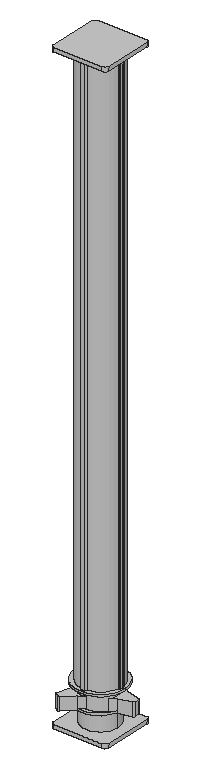
Revit family "EHL_ALUPROP 1,65-2,8_2220010", category Generic Models, Revit 2018
Family settings
  Can host rebar = No
  Round Connector Dimension = Use Diameter
  Part Type = Normal
  OmniClass Number = 35.51.14.00
  OmniClass Title = FORMWORK
  Work Plane-Based = Yes
  Always vertical = No
  Cut with Voids When Loaded = No
  Shared = Yes
  Room Calculation Point = No
Parameters (values of type "EHL_ALUPROP 1,65-2,8_2220010")
  VERSION = "20190101"  # constant formula
  URL = "www.ulmaconstruction.com/en"
  UNICLASS = ""
  Manufacturer = "ULMA CONSTRUCTION"  # constant formula
  MIN LENGTH = 1650.000 mm
  MAX LENGTH = 2800.000 mm
  ITEM_HEIGHT [instance] = if(HEIGHT < MIN LENGTH, MIN LENGTH, if(HEIGHT < MAX LENGTH, HEIGHT, MAX LENGTH))  # 1650.000 mm
  ITEM_CODE = "2220010"
  HEIGHT [instance] = 1650.000 mm
  FILTER [instance] = ""
  Default Elevation = 0.000 mm
  CLASSIFICATION_TITLE = ""
  CLASSIFICATION_NUMBER = ""
Reference planes
  plane 1 "Centro (Frontal/Posterior)": y = 0
  plane 2: z = 0
  plane 3 "Centro (Izquierda/Derecha)": x = 0
  plane 4 "ITEM_HEIGHT": z = 1650
  plane 5 "EXTERIOR TUBE": z = 58
  plane 6 "INSIDE TUBE": z = 1565
  plane 7 "NUT": z = 111
  plane 8: z = 1640
  plane 9: z = 10
  plane 10 "HEIGHT": z = 1650
Forms (mm)
  Extrusion 1, solid, material "ULMA ALUMINIUM", detail levels medium+fine
    sketch origin (0, 0, 0) x (1, 0, 0) y (0, 1, 0)
      loop
        arc (-65, 75) -> (-72.071, 72.071) -> (-75, 65) r 10
        line (-75, 65) -> (-75, -65)
        arc (-75, -65) -> (-72.071, -72.071) -> (-65, -75) r 10
        line (-65, -75) -> (65, -75)
        arc (65, -75) -> (72.071, -72.071) -> (75, -65) r 10
        line (75, -65) -> (75, 65)
        arc (75, 65) -> (72.071, 72.071) -> (65, 75) r 10
        line (65, 75) -> (-65, 75)
    from 0 to 10
  Extrusion 2, solid, material "ULMA ALUMINIUM", detail levels medium+fine
    sketch origin (0, 0, 0) x (1, 0, 0) y (0, 1, 0)
      loop
        circle (0, 0) r 47.5
    from 10 to 1565
  Extrusion 3, solid, material "ULMA ALUMINIUM", detail levels medium+fine
    sketch origin (0, 0, 740) x (1, 0, 0) y (0, 1, 0)
      loop
        arc (-65, 75) -> (-72.071, 72.071) -> (-75, 65) r 10
        line (-75, 65) -> (-75, -65)
        arc (-75, -65) -> (-72.071, -72.071) -> (-65, -75) r 10
        line (-65, -75) -> (65, -75)
        arc (65, -75) -> (72.071, -72.071) -> (75, -65) r 10
        line (75, -65) -> (75, 65)
        arc (75, 65) -> (72.071, 72.071) -> (65, 75) r 10
        line (65, 75) -> (-65, 75)
    from 900 to 910
  Extrusion 4, solid, material "ULMA ALUMINIUM", detail levels medium+fine
    sketch origin (0, 0, 0) x (1, 0, 0) y (0, 1, 0)
      loop
        arc (55.325, 8.668) -> (39.598, 39.598) -> (8.668, 55.325) r 56
        arc (8.668, 55.325) -> (8.221, 55.514) -> (7.916, 55.89) r 1
        line (7.916, 55.89) -> (6.404, 59.134)
        arc (6.404, 59.134) -> (5.85, 59.765) -> (5.044, 60) r 1.5
        line (5.044, 60) -> (-5.044, 60)
        arc (-5.044, 60) -> (-5.85, 59.765) -> (-6.404, 59.134) r 1.5
        line (-6.404, 59.134) -> (-7.916, 55.89)
        arc (-7.916, 55.89) -> (-8.221, 55.514) -> (-8.668, 55.325) r 1
        arc (-8.668, 55.325) -> (-39.598, 39.598) -> (-55.325, 8.668) r 56
        arc (-55.325, 8.668) -> (-55.514, 8.221) -> (-55.89, 7.916) r 1
        line (-55.89, 7.916) -> (-59.134, 6.404)
        arc (-59.134, 6.404) -> (-59.765, 5.85) -> (-60, 5.044) r 1.5
        line (-60, 5.044) -> (-60, -5.044)
        arc (-60, -5.044) -> (-59.765, -5.85) -> (-59.134, -6.404) r 1.5
        line (-59.134, -6.404) -> (-55.89, -7.916)
        arc (-55.89, -7.916) -> (-55.514, -8.221) -> (-55.325, -8.668) r 1
        arc (-55.325, -8.668) -> (-39.598, -39.598) -> (-8.668, -55.325) r 56
        arc (-8.668, -55.325) -> (-8.221, -55.514) -> (-7.916, -55.89) r 1
        line (-7.916, -55.89) -> (-6.404, -59.134)
        arc (-6.404, -59.134) -> (-5.85, -59.765) -> (-5.044, -60) r 1.5
        line (-5.044, -60) -> (5.044, -60)
        arc (5.044, -60) -> (5.85, -59.765) -> (6.404, -59.134) r 1.5
        line (6.404, -59.134) -> (7.916, -55.89)
        arc (7.916, -55.89) -> (8.221, -55.514) -> (8.668, -55.325) r 1
        arc (8.668, -55.325) -> (39.598, -39.598) -> (55.325, -8.668) r 56
        arc (55.325, -8.668) -> (55.514, -8.221) -> (55.89, -7.916) r 1
        line (55.89, -7.916) -> (59.134, -6.404)
        arc (59.134, -6.404) -> (59.765, -5.85) -> (60, -5.044) r 1.5
        line (60, -5.044) -> (60, 5.044)
        arc (60, 5.044) -> (59.765, 5.85) -> (59.134, 6.404) r 1.5
        line (59.134, 6.404) -> (55.89, 7.916)
        arc (55.89, 7.916) -> (55.514, 8.221) -> (55.325, 8.668) r 1
    from 111 to 1640
  Revolve 5, solid, material "ULMA ALUMINIUM", detail levels fine
    sketch origin (0, 0, 0) x (1, 0, 0) y (0, 0, 1)
      loop
        line (-67.5, 111) -> (-67.5, 106.7) -> (-54, 106.7) -> (-54, 62.998) -> (-62.5, 62.998) -> (-62.5, 58) -> (0, 58) -> (0, 111) -> (-67.5, 111)
      axis (0, 111) -> (0, 58)
    angle from 0 to 360
  Extrusion 6, solid, material "ULMA ALUMINIUM", detail levels fine
    sketch origin (0, 0, 0) x (1, 0, 0) y (0, 1, 0)
      loop
        line (-45.999, 42.313) -> (-49.88, 14.697) -> (12.212, 50.546) -> (-13.645, 60.992) -> (-40.109, 87.457)
        arc (-40.109, 87.457) -> (-42.401, 88.764) -> (-45.04, 88.722) r 5
        arc (-45.04, 88.722) -> (-49.75, 86.17) -> (-54.316, 83.367) r 99.5
        arc (-54.316, 83.367) -> (-55.671, 81.102) -> (-55.685, 78.464) r 5
        line (-55.685, 78.464) -> (-45.999, 42.313)
      loop
        line (59.643, 18.68) -> (37.668, 35.848) -> (37.668, -35.848) -> (59.643, -18.68) -> (95.794, -8.993)
        arc (95.794, -8.993) -> (98.072, -7.662) -> (99.356, -5.356) r 5
        arc (99.356, -5.356) -> (99.5, 0) -> (99.356, 5.356) r 99.5
        arc (99.356, 5.356) -> (98.072, 7.662) -> (95.794, 8.993) r 5
        line (95.794, 8.993) -> (59.643, 18.68)
      loop
        line (-13.645, -60.992) -> (12.212, -50.546) -> (-49.88, -14.697) -> (-45.999, -42.313) -> (-55.685, -78.464)
        arc (-55.685, -78.464) -> (-55.671, -81.102) -> (-54.316, -83.367) r 5
        arc (-54.316, -83.367) -> (-49.75, -86.17) -> (-45.04, -88.722) r 99.5
        arc (-45.04, -88.722) -> (-42.401, -88.764) -> (-40.109, -87.457) r 5
        line (-40.109, -87.457) -> (-13.645, -60.992)
    from 58 to 92.998
Cuts and joins
  joined: Revolve 5, Extrusion 6
Lines and regions (mm)
  model lines, style "ULMA ALUPROP", detail levels fine
    curve 1: circle (-58.362, 58.362, 0) r 6 normal (0, 0, 1)
    curve 2: circle (-25.831, 62.362, 0) r 6 normal (0, 0, 1)
    curve 3: circle (25.831, 62.362, 0) r 6 normal (0, 0, 1)
    curve 4: circle (58.362, 58.362, 0) r 6 normal (0, 0, 1)
    curve 5: circle (62.362, 25.831, 0) r 6 normal (0, 0, 1)
    curve 6: circle (62.362, -25.831, 0) r 6 normal (0, 0, 1)
    curve 7: circle (58.362, -58.362, 0) r 6 normal (0, 0, 1)
    curve 8: circle (25.831, -62.362, 0) r 6 normal (0, 0, 1)
    curve 9: circle (-25.831, -62.362, 0) r 6 normal (0, 0, 1)
    curve 10: circle (-58.362, -58.362, 0) r 6 normal (0, 0, 1)
    curve 11: circle (-62.362, -25.831, 0) r 6 normal (0, 0, 1)
    curve 12: circle (-62.362, 25.831, 0) r 6 normal (0, 0, 1)
    curve 13: circle (0, 0, 0) r 21 normal (0, 0, 1)
    curve 14: circle (-58.362, 58.362, 1650) r 6 normal (0, 0, 1)
    curve 15: circle (-25.831, 62.362, 1650) r 6 normal (0, 0, 1)
    curve 16: circle (25.831, 62.362, 1650) r 6 normal (0, 0, 1)
    curve 17: circle (58.362, 58.362, 1650) r 6 normal (0, 0, 1)
    curve 18: circle (62.362, 25.831, 1650) r 6 normal (0, 0, 1)
    curve 19: circle (62.362, -25.831, 1650) r 6 normal (0, 0, 1)
    curve 20: circle (58.362, -58.362, 1650) r 6 normal (0, 0, 1)
    curve 21: circle (25.831, -62.362, 1650) r 6 normal (0, 0, 1)
    curve 22: circle (-25.831, -62.362, 1650) r 6 normal (0, 0, 1)
    curve 23: circle (-58.362, -58.362, 1650) r 6 normal (0, 0, 1)
    curve 24: circle (-62.362, -25.831, 1650) r 6 normal (0, 0, 1)
    curve 25: circle (-62.362, 25.831, 1650) r 6 normal (0, 0, 1)
    curve 26: circle (0, 0, 1650) r 21 normal (0, 0, 1)
    curve 27: circle (-58.362, 58.362, 10) r 6 normal (0, 0, 1)
    curve 28: circle (-25.831, 62.362, 10) r 6 normal (0, 0, 1)
    curve 29: circle (25.831, 62.362, 10) r 6 normal (0, 0, 1)
    curve 30: circle (58.362, 58.362, 10) r 6 normal (0, 0, 1)
    curve 31: circle (62.362, 25.831, 10) r 6 normal (0, 0, 1)
    curve 32: circle (62.362, -25.831, 10) r 6 normal (0, 0, 1)
    curve 33: circle (58.362, -58.362, 10) r 6 normal (0, 0, 1)
    curve 34: circle (25.831, -62.362, 10) r 6 normal (0, 0, 1)
    curve 35: circle (-25.831, -62.362, 10) r 6 normal (0, 0, 1)
    curve 36: circle (-58.362, -58.362, 10) r 6 normal (0, 0, 1)
    curve 37: circle (-62.362, -25.831, 10) r 6 normal (0, 0, 1)
    curve 38: circle (-62.362, 25.831, 10) r 6 normal (0, 0, 1)
    curve 39: circle (-58.362, 58.362, 1640) r 6 normal (0, 0, 1)
    curve 40: circle (-25.831, 62.362, 1640) r 6 normal (0, 0, 1)
    curve 41: circle (25.831, 62.362, 1640) r 6 normal (0, 0, 1)
    curve 42: circle (58.362, 58.362, 1640) r 6 normal (0, 0, 1)
    curve 43: circle (62.362, 25.831, 1640) r 6 normal (0, 0, 1)
    curve 44: circle (62.362, -25.831, 1640) r 6 normal (0, 0, 1)
    curve 45: circle (58.362, -58.362, 1640) r 6 normal (0, 0, 1)
    curve 46: circle (25.831, -62.362, 1640) r 6 normal (0, 0, 1)
    curve 47: circle (-25.831, -62.362, 1640) r 6 normal (0, 0, 1)
    curve 48: circle (-58.362, -58.362, 1640) r 6 normal (0, 0, 1)
    curve 49: circle (-62.362, -25.831, 1640) r 6 normal (0, 0, 1)
    curve 50: circle (-62.362, 25.831, 1640) r 6 normal (0, 0, 1)
    curve 51: circle (0, 0, 58) r 47.5 normal (0, 0, 1)
  model lines, style "ULMA ALUPROP", detail levels coarse
    curve 52: circle (0, 0, 0) r 50 normal (0, 0, 1)
    curve 53: line (0, 0, 0) -> (0, 0, 1650)
Dimensions and locks
  equal spacing: plane 7 "NUT", Revolve 5 sketch curve, Revolve 5 sketch curve, plane 5 "EXTERIOR TUBE"
  locked: cut or joined group of Revolve 5, Extrusion 6 to plane 5 "EXTERIOR TUBE" at 34.998
  "ITEM_HEIGHT": plane 4 "ITEM_HEIGHT" to plane 2
  plane 4 "ITEM_HEIGHT" to plane 8 = 10.000 mm
  locked: plane 9 to plane 2 at 10
  "HEIGHT": plane 10 "HEIGHT" to plane 2
  locked: plane 6 "INSIDE TUBE" to plane 9 at 1555
  locked: plane 7 "NUT" to plane 5 "EXTERIOR TUBE" at 53
  locked: plane 8 to plane 7 "NUT" at 1529
  aligned and locked: level to plane 2
  aligned and locked: Extrusion 2 to Extrusion 1
  aligned and locked: plane 6 "INSIDE TUBE" to Extrusion 2
  aligned and locked: plane 4 "ITEM_HEIGHT" to Extrusion 3
  aligned and locked: Extrusion 4 to Extrusion 3
  aligned and locked: Extrusion 4 to plane 7 "NUT"
  aligned and locked: cut or joined group of Revolve 5, Extrusion 6 to plane 5 "EXTERIOR TUBE"
  aligned and locked: Extrusion 3 to plane 8
  aligned and locked: plane 9 to Extrusion 1
  aligned and locked: plane 4 "ITEM_HEIGHT" to curve 53
  aligned and locked: plane 2 to curve 53
Automatic sketch dimensions
  Extrusion 1 sketch curve to plane 3 "Centro (Izquierda/Derecha)" = 75.000 mm
  Extrusion 1 sketch curve to Extrusion 1 sketch curve = 10.000 mm  (x3)
  plane 3 "Centro (Izquierda/Derecha)" to Extrusion 1 sketch curve = 65.000 mm  (x2)
  plane 1 "Centro (Frontal/Posterior)" to Extrusion 1 sketch curve = 75.000 mm
  Extrusion 1 sketch curve to plane 1 "Centro (Frontal/Posterior)" = 65.000 mm
  plane 1 "Centro (Frontal/Posterior)" to Extrusion 2 sketch curve = 0.000 mm
  Extrusion 2 sketch curve to plane 3 "Centro (Izquierda/Derecha)" = 0.000 mm
  Extrusion 3 sketch curve to plane 3 "Centro (Izquierda/Derecha)" = 75.000 mm
  Extrusion 3 sketch curve to Extrusion 3 sketch curve = 10.000 mm  (x3)
  plane 3 "Centro (Izquierda/Derecha)" to Extrusion 3 sketch curve = 65.000 mm  (x2)
  plane 1 "Centro (Frontal/Posterior)" to Extrusion 3 sketch curve = 75.000 mm
  Extrusion 3 sketch curve to plane 1 "Centro (Frontal/Posterior)" = 65.000 mm
  Extrusion 4 sketch curve to Extrusion 4 sketch curve = 0.000 mm  (x20)
  plane 1 "Centro (Frontal/Posterior)" to Extrusion 4 sketch curve = 0.000 mm
  Extrusion 4 sketch curve to plane 3 "Centro (Izquierda/Derecha)" = 0.000 mm
  Extrusion 4 sketch curve to plane 3 "Centro (Izquierda/Derecha)" = 5.044 mm  (x2)
  Extrusion 4 sketch curve to Extrusion 4 sketch curve = 1.359 mm  (x4)
  Extrusion 4 sketch curve to Extrusion 4 sketch curve = 1.512 mm  (x4)
  Extrusion 4 sketch curve to Extrusion 4 sketch curve = 0.906 mm  (x8)
  plane 1 "Centro (Frontal/Posterior)" to Extrusion 4 sketch curve = 7.916 mm  (x2)
  Extrusion 4 sketch curve to plane 3 "Centro (Izquierda/Derecha)" = 55.890 mm
  Extrusion 4 sketch curve to plane 1 "Centro (Frontal/Posterior)" = 7.916 mm  (x2)
  Extrusion 4 sketch curve to Extrusion 4 sketch curve = 0.423 mm  (x8)
  Extrusion 4 sketch curve to Extrusion 4 sketch curve = 2.610 mm  (x8)
  Extrusion 4 sketch curve to plane 1 "Centro (Frontal/Posterior)" = 6.404 mm  (x2)
  Extrusion 4 sketch curve to Extrusion 4 sketch curve = 0.634 mm  (x6)
  plane 1 "Centro (Frontal/Posterior)" to Extrusion 4 sketch curve = 6.404 mm  (x2)
  Extrusion 4 sketch curve to Extrusion 4 sketch curve = 1.500 mm  (x2)
  plane 3 "Centro (Izquierda/Derecha)" to Extrusion 4 sketch curve = 5.044 mm  (x2)
  plane 3 "Centro (Izquierda/Derecha)" to Extrusion 4 sketch curve = 55.890 mm
  plane 1 "Centro (Frontal/Posterior)" to Extrusion 4 sketch curve = 55.890 mm
  Extrusion 4 sketch curve to plane 1 "Centro (Frontal/Posterior)" = 55.890 mm
  Revolve 5 sketch curve to plane 7 "NUT" = 0.000 mm  (x2)
  Revolve 5 sketch curve to plane 5 "EXTERIOR TUBE" = 0.000 mm  (x2)
  Revolve 5 sketch curve to plane 3 "Centro (Izquierda/Derecha)" = 0.000 mm  (x2)
  Revolve 5 sketch curve to plane 7 "NUT" = 4.300 mm
  Revolve 5 sketch curve to plane 3 "Centro (Izquierda/Derecha)" = 54.000 mm
  Revolve 5 sketch curve to Revolve 5 sketch curve = 8.500 mm
  Revolve 5 sketch curve to Revolve 5 sketch curve = 13.500 mm
  plane 5 "EXTERIOR TUBE" to Revolve 5 sketch curve = 4.998 mm
  Extrusion 6 sketch curve to Extrusion 6 sketch curve = 0.000 mm  (x7)
  plane 1 "Centro (Frontal/Posterior)" to Extrusion 6 sketch curve = 0.000 mm
  Extrusion 6 sketch curve to plane 3 "Centro (Izquierda/Derecha)" = 0.000 mm
  Extrusion 6 sketch curve to plane 3 "Centro (Izquierda/Derecha)" = 13.645 mm  (x2)
  Extrusion 6 sketch curve to Extrusion 6 sketch curve = 26.464 mm  (x2)
  Extrusion 6 sketch curve to Extrusion 6 sketch curve = 3.536 mm  (x4)
  Extrusion 6 sketch curve to Extrusion 6 sketch curve = 32.354 mm  (x2)
  plane 1 "Centro (Frontal/Posterior)" to Extrusion 6 sketch curve = 14.697 mm
  Extrusion 6 sketch curve to Extrusion 6 sketch curve = 3.881 mm  (x2)
  Extrusion 6 sketch curve to plane 1 "Centro (Frontal/Posterior)" = 14.697 mm
  Extrusion 6 sketch curve to Extrusion 6 sketch curve = 7.211 mm  (x2)
  Extrusion 6 sketch curve to Extrusion 6 sketch curve = 4.830 mm  (x2)
  plane 3 "Centro (Izquierda/Derecha)" to Extrusion 6 sketch curve = 12.212 mm  (x2)
  Extrusion 6 sketch curve to Extrusion 6 sketch curve = 25.457 mm
  plane 1 "Centro (Frontal/Posterior)" to Extrusion 6 sketch curve = 18.680 mm
  Extrusion 6 sketch curve to Extrusion 6 sketch curve = 21.975 mm  (x2)
  Extrusion 6 sketch curve to plane 1 "Centro (Frontal/Posterior)" = 18.680 mm
  Extrusion 6 sketch curve to plane 1 "Centro (Frontal/Posterior)" = 4.163 mm
  Extrusion 6 sketch curve to Extrusion 6 sketch curve = 34.857 mm
  plane 1 "Centro (Frontal/Posterior)" to Extrusion 6 sketch curve = 4.163 mm
  plane 1 "Centro (Frontal/Posterior)" to Extrusion 6 sketch curve = 8.993 mm
  Extrusion 6 sketch curve to Extrusion 6 sketch curve = 1.294 mm  (x4)
  Extrusion 6 sketch curve to plane 1 "Centro (Frontal/Posterior)" = 8.993 mm
  Extrusion 6 sketch curve to Extrusion 6 sketch curve = 17.169 mm  (x2)
  Extrusion 6 sketch curve to Extrusion 6 sketch curve = 27.615 mm  (x2)
  Extrusion 6 sketch curve to Extrusion 6 sketch curve = 14.697 mm  (x2)
  Extrusion 6 sketch curve to Extrusion 6 sketch curve = 10.447 mm  (x2)
  Extrusion 6 sketch curve to Extrusion 6 sketch curve = 36.151 mm  (x2)
  Extrusion 6 sketch curve to Extrusion 6 sketch curve = 4.163 mm  (x2)
  Extrusion 6 sketch curve to Extrusion 6 sketch curve = 1.395 mm  (x2)
  Extrusion 6 sketch curve to Extrusion 6 sketch curve = 4.856 mm
  curve 25 to Extrusion 3 = 12.638 mm
  curve 24 to Extrusion 3 = 12.638 mm
  curve 23 to Extrusion 3 = 16.638 mm  (x2)
  curve 14 to Extrusion 3 = 16.638 mm  (x2)
  curve 22 to Extrusion 3 = 12.638 mm
  curve 23 to curve 22 = 32.531 mm
  curve 15 to Extrusion 3 = 12.638 mm
  curve 14 to curve 15 = 32.531 mm
  curve 15 to curve 26 = 25.831 mm
  curve 16 to Extrusion 3 = 12.638 mm
  curve 16 to Extrusion 3 = 49.169 mm
  curve 21 to Extrusion 3 = 12.638 mm
  curve 21 to Extrusion 3 = 49.169 mm
  curve 17 to Extrusion 3 = 16.638 mm  (x2)
  curve 20 to Extrusion 3 = 16.638 mm  (x2)
  curve 18 to Extrusion 3 = 12.638 mm
  curve 19 to Extrusion 3 = 12.638 mm
  curve 20 to curve 19 = 32.531 mm
  curve 23 to curve 24 = 32.531 mm
  curve 26 to curve 15 = 62.362 mm
  curve 25 to Extrusion 3 = 49.169 mm
  curve 18 to Extrusion 3 = 49.169 mm
  curve 37 to Extrusion 1 = 12.638 mm
  curve 38 to Extrusion 1 = 12.638 mm
  curve 36 to Extrusion 1 = 16.638 mm  (x2)
  curve 27 to Extrusion 1 = 16.638 mm  (x2)
  curve 28 to Extrusion 1 = 12.638 mm
  curve 27 to curve 28 = 32.531 mm
  curve 35 to Extrusion 1 = 12.638 mm
  curve 36 to curve 35 = 32.531 mm
  curve 34 to Extrusion 1 = 12.638 mm
  curve 34 to Extrusion 1 = 49.169 mm
  curve 29 to Extrusion 1 = 12.638 mm
  curve 29 to Extrusion 1 = 49.169 mm
  curve 30 to Extrusion 1 = 16.638 mm  (x2)
  curve 33 to Extrusion 1 = 16.638 mm  (x2)
  curve 32 to Extrusion 1 = 12.638 mm
  curve 31 to Extrusion 1 = 12.638 mm
  curve 33 to curve 32 = 32.531 mm
  curve 36 to curve 37 = 32.531 mm
  curve 38 to Extrusion 1 = 49.169 mm
  curve 31 to Extrusion 1 = 49.169 mm
  Extrusion 3 to curve 49 = 12.638 mm
  Extrusion 3 to curve 50 = 12.638 mm
  Extrusion 3 to curve 48 = 16.638 mm  (x2)
  Extrusion 3 to curve 39 = 16.638 mm  (x2)
  Extrusion 3 to curve 40 = 12.638 mm
  curve 39 to curve 40 = 32.531 mm
  Extrusion 3 to curve 47 = 12.638 mm
  curve 48 to curve 47 = 32.531 mm
  Extrusion 3 to curve 46 = 12.638 mm
  Extrusion 3 to curve 46 = 49.169 mm
  Extrusion 3 to curve 41 = 12.638 mm
  Extrusion 3 to curve 41 = 49.169 mm
  Extrusion 3 to curve 42 = 16.638 mm  (x2)
  Extrusion 3 to curve 45 = 16.638 mm  (x2)
  Extrusion 3 to curve 44 = 12.638 mm
  Extrusion 3 to curve 43 = 12.638 mm
  curve 45 to curve 44 = 32.531 mm
  curve 48 to curve 49 = 32.531 mm
  Extrusion 3 to curve 50 = 49.169 mm
  Extrusion 3 to curve 43 = 49.169 mm
  curve 13 to curve 52 = 0.000 mm  (x2)
  plane 1 "Centro (Frontal/Posterior)" to curve 13 = 0.000 mm
  curve 13 to plane 3 "Centro (Izquierda/Derecha)" = 0.000 mm
  curve 2 to plane 3 "Centro (Izquierda/Derecha)" = 25.831 mm
  curve 9 to plane 3 "Centro (Izquierda/Derecha)" = 25.831 mm
  curve 1 to curve 2 = 32.531 mm
  curve 10 to curve 9 = 32.531 mm
  curve 12 to curve 1 = 4.000 mm
  curve 11 to curve 10 = 4.000 mm
  plane 3 "Centro (Izquierda/Derecha)" to curve 8 = 25.831 mm
  plane 3 "Centro (Izquierda/Derecha)" to curve 3 = 25.831 mm
  curve 3 to curve 4 = 32.531 mm
  curve 8 to curve 7 = 32.531 mm
  curve 4 to curve 5 = 4.000 mm
  curve 7 to curve 6 = 4.000 mm
  plane 1 "Centro (Frontal/Posterior)" to curve 11 = 25.831 mm
  plane 1 "Centro (Frontal/Posterior)" to curve 6 = 25.831 mm
  curve 7 to curve 6 = 32.531 mm
  curve 10 to curve 11 = 32.531 mm
  curve 8 to curve 7 = 4.000 mm
  curve 9 to curve 10 = 4.000 mm
  curve 12 to plane 1 "Centro (Frontal/Posterior)" = 25.831 mm
  curve 5 to plane 1 "Centro (Frontal/Posterior)" = 25.831 mm
  curve 12 to curve 1 = 32.531 mm
  curve 5 to curve 4 = 32.531 mm
  curve 1 to curve 2 = 4.000 mm
  curve 4 to curve 3 = 4.000 mm
  curve 53 to plane 3 "Centro (Izquierda/Derecha)" = 0.000 mm
  radius of Extrusion 2 sketch curve = 47.500 mm
  radius of curve 14 = 6.000 mm
  radius of curve 15 = 6.000 mm
  radius of curve 16 = 6.000 mm
  radius of curve 17 = 6.000 mm
  radius of curve 18 = 6.000 mm
  radius of curve 19 = 6.000 mm
  radius of curve 20 = 6.000 mm
  radius of curve 21 = 6.000 mm
  radius of curve 22 = 6.000 mm
  radius of curve 23 = 6.000 mm
  radius of curve 24 = 6.000 mm
  radius of curve 25 = 6.000 mm
  radius of curve 26 = 21.000 mm
  radius of curve 27 = 6.000 mm
  radius of curve 28 = 6.000 mm
  radius of curve 29 = 6.000 mm
  radius of curve 30 = 6.000 mm
  radius of curve 31 = 6.000 mm
  radius of curve 32 = 6.000 mm
  radius of curve 33 = 6.000 mm
  radius of curve 34 = 6.000 mm
  radius of curve 35 = 6.000 mm
  radius of curve 36 = 6.000 mm
  radius of curve 37 = 6.000 mm
  radius of curve 38 = 6.000 mm
  radius of curve 39 = 6.000 mm
  radius of curve 40 = 6.000 mm
  radius of curve 41 = 6.000 mm
  radius of curve 42 = 6.000 mm
  radius of curve 43 = 6.000 mm
  radius of curve 44 = 6.000 mm
  radius of curve 45 = 6.000 mm
  radius of curve 46 = 6.000 mm
  radius of curve 47 = 6.000 mm
  radius of curve 48 = 6.000 mm
  radius of curve 49 = 6.000 mm
  radius of curve 50 = 6.000 mm
  radius of curve 51 to Revolve 5 = 15.000 mm
  radius of curve 1 = 6.000 mm
  radius of curve 2 = 6.000 mm
  radius of curve 3 = 6.000 mm
  radius of curve 4 = 6.000 mm
  radius of curve 5 = 6.000 mm
  radius of curve 6 = 6.000 mm
  radius of curve 7 = 6.000 mm
  radius of curve 8 = 6.000 mm
  radius of curve 9 = 6.000 mm
  radius of curve 10 = 6.000 mm
  radius of curve 11 = 6.000 mm
  radius of curve 12 = 6.000 mm
  radius of curve 13 = 21.000 mm
  radius of curve 52 = 50.000 mm
